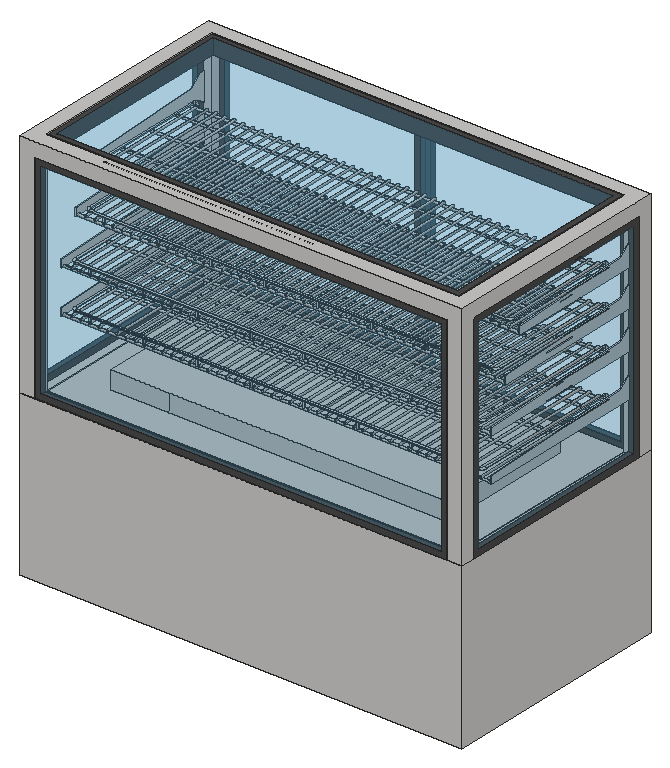
Revit family "QF_FESTIVE_RH12", category Specialty Equipment, Revit 2020
Family settings
  Round Connector Dimension = Use Diameter
  Part Type = Normal
  Work Plane-Based = No
  Always vertical = Yes
  Cut with Voids When Loaded = No
  Shared = No
  Room Calculation Point = No
Parameters (values of type "RH12_220-240/50/1")
  Weight in Kilograms = 160
  Watts = if(Phase = 3, Volts * FL Amps * 1.73, Volts * FL Amps)  # 2068 W
  Volts = 220 V
  URL Cutsheet = ""
  Specification by User = ""
  Specification by Manufacturer = ""
  Shelf Length [instance] = Length - 30 mm  # 1170 mm
  Serial Number = ""
  Seismic Rating = ""
  SMACNA No = ""
  Revision Code = ""
  Phase = 1
  Number of Poles = 1
  NAFEM Spec ID Number = ""
  Model = "RH12"
  Min Ckt Ampacity = 0 A
  Max Overcurrent Protection = 0 A
  Masterspec = ""
  Manufacturer = "FESTIVE"
  Length = 1200 mm
  Item Number = ""
  Installed By = ""
  Identify Quantity as Lot = yes
  Height = 1095 mm
  HP = ""
  Furnished By = ""
  Foodservice Equipment Identifier = yes
  FL Amps = 9.4 A
  Electrical Remarks = ""
  Electric Connection Type = ""
  Elec Conn RI Height = 0 mm
  Elec Conn Connection Height = 0 mm
  Description = "REGENT: HEATED"
  Depth = 640 mm
  Default Elevation = 0 mm
  Cycle = 50 Hz
  Control Panel B = Length > 600 mm  # yes
  Control Panel A = Length = 600 mm  # no
  Conn Plug = "10A Plug"
  Conn Conduit = yes
  CSI MasterFormat = ""
  Base Cover 2 [instance] = Length = 1530 mm  # no
  Base Cover 1 [instance] = Length < 1201 mm  # yes
  Apparent Power = if(Phase = 3, Volts * FL Amps * 1.73, Volts * FL Amps)  # 2068 VA
Reference planes
  plane 1 "BACK": y = 0
  plane 2: z = 0
  plane 3 "LEFT": x = 0
  plane 4 "RIGHT": x = 1200
  plane 5 "FRONT": y = -640
  plane 6 "TOP": z = 1095
  plane 7 "Center Y": x = 600
  plane 8 "Center X": y = -320
  plane 9: z = 470
  plane 10: z = 25.4
  plane 11: x = 40
  plane 12: x = 1160
  plane 13: x = 15
  plane 14: x = 1185
  plane 15: x = 1107.5
  plane 16: x = 92.5
  plane 17: y = 15
Forms (mm)
  Extrusion 1, solid, material "QF_Metal - Stainless - Brushed"
    sketch origin (-6096, 34.743, 25.4) x (0, 1, 0) y (-1, 0, 0)
      loop
        line (-34.743, -6096) -> (-674.743, -6096) -> (-674.743, -7296) -> (-34.743, -7296) -> (-34.743, -7256) -> (-634.743, -7256) -> (-634.743, -6136) -> (-34.743, -6136) -> (-34.743, -6096)
    from 0 to 444.6
  Extrusion 2, solid, material "QF_Plastic - Black - Smooth"
    sketch origin (0, 0, 0) x (0, 1, 0) y (0, 0, 1)
      loop
        line (-40, 1055) -> (-600, 1055) -> (-600, 470) -> (-40, 470) -> (-40, 1055)
      loop
        line (-55, 1040) -> (-585, 1040) -> (-585, 485) -> (-55, 485) -> (-55, 1040)
    from 0 to 15
  Extrusion 3, solid, material "QF_Metal - Stainless - Brushed"
    sketch origin (-6096, 152.961, 470) x (0, 1, 0) y (-1, 0, 0)
      loop
        line (-792.961, -6096) -> (-792.961, -6136) -> (-752.961, -6136) -> (-752.961, -6096) -> (-792.961, -6096)
      loop
        line (-792.961, -7296) -> (-752.961, -7296) -> (-752.961, -7256) -> (-792.961, -7256) -> (-792.961, -7296)
      loop
        line (-152.961, -7296) -> (-152.961, -7256) -> (-192.961, -7256) -> (-192.961, -7296) -> (-152.961, -7296)
      loop
        line (-152.961, -6096) -> (-192.961, -6096) -> (-192.961, -6136) -> (-152.961, -6136) -> (-152.961, -6096)
    from 0 to 625
  Extrusion 4, solid, material "QF_Metal - Stainless - Brushed"
    sketch origin (-975.299, -4572, 1095) x (-1, 0, 0) y (0, -1, 0)
      loop
        line (-1015.299, -3972) -> (-2135.299, -3972) -> (-2135.299, -4532) -> (-1015.299, -4532) -> (-1015.299, -3972)
      loop
        line (-975.299, -4572) -> (-975.299, -3932) -> (-2175.299, -3932) -> (-2175.299, -4572) -> (-975.299, -4572)
    from 0 to -40
  Extrusion 5, solid, material "Glass"
    sketch origin (0, 0, 0) x (0, 1, 0) y (0, 0, 1)
      loop
        line (-55, 1040) -> (-585, 1040) -> (-585, 485) -> (-55, 485) -> (-55, 1040)
    from 0 to 15
  Extrusion 6, solid, material "QF_Plastic - Black - Smooth"
    sketch origin (1200, 0, 0) x (0, -1, 0) y (0, 0, 1)
      loop
        line (40, 1055) -> (40, 470) -> (600, 470) -> (600, 1055) -> (40, 1055)
      loop
        line (55, 1040) -> (55, 485) -> (585, 485) -> (585, 1040) -> (55, 1040)
    from 0 to 15
  Extrusion 7, solid, material "QF_Plastic - Black - Smooth"
    sketch origin (0, -640, 0) x (1, 0, 0) y (0, 0, 1)
      loop
        line (40, 1055) -> (40, 470) -> (1160, 470) -> (1160, 1055) -> (40, 1055)
      loop
        line (1145, 1040) -> (55, 1040) -> (55, 485) -> (1145, 485) -> (1145, 1040)
    from 0 to -15
  Extrusion 8, solid, material "QF_Plastic - Black - Smooth"
    sketch origin (0, 0, 0) x (1, 0, 0) y (0, 0, 1)
      loop
        line (40, 1055) -> (40, 470) -> (615, 470) -> (615, 1055) -> (40, 1055)
      loop
        line (55, 1040) -> (55, 485) -> (600, 485) -> (600, 1040) -> (55, 1040)
    from 0 to 15
  Extrusion 9, solid, material "Glass"
    sketch origin (0, 0, 0) x (1, 0, 0) y (0, 0, 1)
      loop
        line (55, 1040) -> (55, 485) -> (600, 485) -> (600, 1040) -> (55, 1040)
    from 0 to 15
  Extrusion 10, solid, material "QF_Plastic - Black - Smooth"
    sketch origin (600, 0, 0) x (-1, 0, 0) y (0, 0, -1)
      loop
        line (-560, -1055) -> (15, -1055) -> (15, -470) -> (-560, -470) -> (-560, -1055)
      loop
        line (-545, -1040) -> (0, -1040) -> (0, -485) -> (-545, -485) -> (-545, -1040)
    from 15 to 30
  Extrusion 11, solid, material "Glass"
    sketch origin (600, 0, 0) x (-1, 0, 0) y (0, 0, -1)
      loop
        line (-545, -1040) -> (0, -1040) -> (0, -485) -> (-545, -485) -> (-545, -1040)
    from 15 to 30
  Extrusion 12, solid, material "QF_Plastic - Black - Smooth"
    sketch origin (-975.299, -4572, 1095) x (-1, 0, 0) y (0, -1, 0)
      loop
        line (-1015.299, -4532) -> (-1015.299, -3972) -> (-2135.299, -3972) -> (-2135.299, -4532) -> (-1015.299, -4532)
      loop
        line (-2120.299, -4517) -> (-1030.299, -4517) -> (-1030.299, -3987) -> (-2120.299, -3987) -> (-2120.299, -4517)
    from 0 to -40
  Extrusion 13, solid, material "Glass"
    sketch origin (-975.299, -4572, 1095) x (-1, 0, 0) y (0, -1, 0)
      loop
        line (-2120.299, -4517) -> (-1030.299, -4517) -> (-1030.299, -3987) -> (-2120.299, -3987) -> (-2120.299, -4517)
    from 0 to -40
  Extrusion 14, solid, material "Glass"
    sketch origin (1200, 0, 0) x (0, -1, 0) y (0, 0, 1)
      loop
        line (55, 1040) -> (55, 485) -> (585, 485) -> (585, 1040) -> (55, 1040)
    from 0 to 15
  Extrusion 15, solid, material "Glass"
    sketch origin (0, -640, 0) x (1, 0, 0) y (0, 0, 1)
      loop
        line (1145, 1040) -> (55, 1040) -> (55, 485) -> (1145, 485) -> (1145, 1040)
    from 0 to -15
  Extrusion 16, solid, material "QF_Metal - Stainless - Brushed"
    sketch origin (0, 0, 0) x (1, 0, 0) y (0, 0, 1)
      loop
        line (1160, 376.925) -> (40, 376.925) -> (40, 70.07) -> (145, 70.07) -> (145, 31.8) -> (1055, 31.8) -> (1055, 69.875) -> (1160, 69.875) -> (1160, 376.925)
    from 0 to 600
  Extrusion 17, solid
    sketch origin (0, 0, 0) x (-1, 0, 0) y (0, 0, 1)
      loop
        circle (-1045, 36.8) r 5
    from 0 to 3.2
  Extrusion 18, solid, material "QF_Metal - Stainless - Brushed"
    sketch origin (1160, 0, 25.4) x (1, 0, 0) y (0, 0, -1)
      loop
        line (0, -351.525) -> (-1120, -351.525) -> (-1120, -444.6) -> (0, -444.6) -> (0, -351.525)
    from 0 to -600
  Extrusion 19, solid, material "QF_Metal - Stainless - Brushed", visible <- "Base Cover 1"
    sketch origin (-6096, 34.743, 470) x (0, 1, 0) y (-1, 0, 0)
      loop
        line (-165.755, -6396) -> (-165.755, -6238.5) -> (-544.743, -6238.5) -> (-544.743, -6396) -> (-544.743, -7153.5) -> (-165.755, -7153.5) -> (-165.755, -6396)
    from 0 to 48.344
  Extrusion 20, solid, material "QF_Metal - Stainless - Brushed"
    sketch origin (1160, 0, 25.4) x (1, 0, 0) y (0, 0, -1)
      loop
        line (0, 0) -> (-1120, 0) -> (-1120, -6.4) -> (0, -6.4) -> (0, 0)
    from 0 to -3.2
  Extrusion 21, solid, material "QF_Metal - Stainless - Brushed", visible <- "Control Panel A"
    sketch origin (-6.051, 0, -9.342) x (1, 0, 0) y (0, 0, -1)
      loop
        line (1152.174, -234.892) -> (1152.174, -112.427) -> (1055.436, -112.427) -> (1055.436, -234.892) -> (1152.174, -234.892)
    from 0 to 15
  Extrusion 22, solid, material "QF_Metal - Stainless - Brushed", visible <- "Control Panel B"
    sketch origin (1193.949, 0, 447.758) x (0, 0, -1) y (-1, 0, 0)
      loop
        line (254.6, 250) -> (254.6, 47.826) -> (344.673, 47.826) -> (344.673, 250) -> (254.6, 250)
    from 0 to 15
  Extrusion 23, solid, material "QF_Metal - Stainless - Brushed", visible <- "Control Panel B", not visible
    sketch origin (600, 9875.408, 470) x (0, 0, -1) y (-1, 0, 0)
      loop
        line (254.6, 250) -> (254.6, 47.826) -> (344.673, 47.826) -> (344.673, 250) -> (254.6, 250)
    from 0 to 15
  Extrusion 24, solid, material "QF_Metal - Stainless - Brushed", visible <- "Base Cover 2"
    sketch origin (-6096, 34.743, 470) x (0, 1, 0) y (-1, 0, 0)
      loop
        line (-165.755, -6676) -> (-165.755, -6238.5) -> (-544.743, -6238.5) -> (-544.743, -6676) -> (-165.755, -6676)
      loop
        line (-544.743, -7153.5) -> (-165.755, -7153.5) -> (-165.755, -6716) -> (-544.743, -6716) -> (-544.743, -7153.5)
    from 0 to 48.344
Cuts and joins
  joined: Extrusion 3, Extrusion 4
Lines and regions (mm)
  Split face 1
    outline origin (-5.426, 15, -8.092) x (1, 0, 0) y (0, 0, -1)
      loop
        line (1140.469, -208.689) -> (1140.469, -174.314) -> (1065.469, -174.314) -> (1065.469, -208.689) -> (1140.469, -208.689)
  Split face 2
    outline origin (-3.022, 15, -60.598) x (1, 0, 0) y (0, 0, -1)
      loop
        line (1126.804, -215.73) -> (1126.804, -182.915) -> (1114.946, -182.915) -> (1114.946, -215.73) -> (1126.804, -215.73)
  Split face 3
    outline origin (1001.969, 15, 41.914) x (-1, 0, 0) y (0, 0, 1)
      loop
        line (-73.196, 113.218) -> (-85.054, 113.218) -> (-85.054, 80.403) -> (-73.196, 80.403) -> (-73.196, 113.218)
  Split face 4
    outline origin (1193.949, 15, 447.758) x (0, 0, -1) y (-1, 0, 0)
      loop
        line (281.242, 193.932) -> (281.242, 182.074) -> (314.057, 182.074) -> (314.057, 193.932) -> (281.242, 193.932)
  Split face 5
    outline origin (1193.949, 15, 447.758) x (0, 0, -1) y (-1, 0, 0)
      loop
        line (281.242, 224.579) -> (281.242, 212.721) -> (314.057, 212.721) -> (314.057, 224.579) -> (281.242, 224.579)
  Split face 6
    outline origin (1193.949, 15, 447.758) x (0, 0, -1) y (-1, 0, 0)
      loop
        line (278.739, 83.03) -> (313.114, 83.03) -> (313.114, 158.03) -> (278.739, 158.03) -> (278.739, 83.03)
  symbolic lines
    curve 1: line (0, 0, 1095) -> (1200, 0, 1095)
    curve 2: line (0, -640, 1095) -> (0, 0, 1095)
    curve 3: line (1200, -640, 1095) -> (0, -640, 1095)
    curve 4: line (1200, 0, 1095) -> (1200, -640, 1095)
    curve 5: line (40, -40, 1095) -> (1160, -40, 1095)
    curve 6: line (40, -600, 1095) -> (40, -40, 1095)
    curve 7: line (1160, -600, 1095) -> (40, -600, 1095)
    curve 8: line (1160, -40, 1095) -> (1160, -600, 1095)
    curve 9: line (55, -55, 1095) -> (1145, -55, 1095)
    curve 10: line (55, -585, 1095) -> (55, -55, 1095)
    curve 11: line (1145, -585, 1095) -> (55, -585, 1095)
    curve 12: line (1145, -55, 1095) -> (1145, -585, 1095)
  symbolic lines, visible <- "Control Panel A"
    curve 13: line (1049.385, 15, 1240) -> (1049.385, 0, 1240)
    curve 14: line (1146.124, 15, 1240) -> (1049.385, 15, 1240)
    curve 15: line (1146.124, 0, 1240) -> (1146.124, 15, 1240)
  symbolic lines, visible <- "Control Panel B"
    curve 16: line (943.949, 15, 1240) -> (943.949, 0, 1240)
    curve 17: line (1146.124, 15, 1240) -> (943.949, 15, 1240)
    curve 18: line (1146.124, 0, 1240) -> (1146.124, 15, 1240)
  symbolic lines, visible <- "Control Panel B", not visible
    curve 19: line (350, 9890.408, 1262.242) -> (350, 9875.408, 1262.242)
    curve 20: line (552.174, 9890.408, 1262.242) -> (350, 9890.408, 1262.242)
    curve 21: line (552.174, 9875.408, 1262.242) -> (552.174, 9890.408, 1262.242)
Dimensions and locks
  equal spacing: plane 3 "LEFT", plane 7 "Center Y", plane 4 "RIGHT"
  "Length": plane 3 "LEFT" to plane 4 "RIGHT"
  equal spacing: plane 5 "FRONT", plane 8 "Center X", plane 1 "BACK"
  "Depth": plane 5 "FRONT" to plane 1 "BACK"
  "Height": plane 6 "TOP" to level
  plane 6 "TOP" to plane 9 to level = 625 mm, 470 mm
  plane 1 "BACK" to plane 5 "FRONT" = 640 mm
  locked: plane 11 to plane 3 "LEFT" at 40
  locked: plane 12 to plane 4 "RIGHT" at 40
  locked: plane 3 "LEFT" to plane 13 at 15
  locked: plane 4 "RIGHT" to plane 14 at 15
  locked: plane 5 "FRONT" to nested 5 at 45
  locked: plane 5 "FRONT" to nested 4 at 45
  locked: plane 15 to plane 4 "RIGHT" at 92.5
  locked: plane 16 to plane 3 "LEFT" at 92.5
  plane 16 to Extrusion 19 sketch curve = 50 mm
  plane 1 "BACK" to plane 17 = 15 mm
  locked: plane 4 "RIGHT" to Extrusion 22 at 53.876
  Extrusion 24 sketch curve to plane 7 "Center Y" to Extrusion 24 sketch curve = 20 mm locked, 20 mm locked
  aligned and locked: level to plane 2
  aligned and locked: plane 9 to Extrusion 1
  aligned and locked: plane 6 "TOP" to Extrusion 3
  aligned and locked: plane 16 to nested 3
  aligned and locked: plane 16 to nested 4
  aligned and locked: nested 6 to plane 15
  aligned and locked: nested 5 to plane 15
  aligned and locked: Extrusion 1 to Extrusion 18 sketch curve
  aligned and locked: Extrusion 18 sketch curve to Extrusion 1
  aligned and locked: plane 11 to Extrusion 20 sketch curve
Automatic sketch dimensions
  Extrusion 22 sketch curve to Extrusion 22 sketch curve = 90.073 mm
  Extrusion 22 sketch curve to Extrusion 22 sketch curve = 202.174 mm
  Extrusion 23 sketch curve to Extrusion 23 sketch curve = 90.073 mm
  Extrusion 23 sketch curve to Extrusion 23 sketch curve = 202.174 mm
  curve 17 to curve 17 = 202.174 mm
  curve 17 to curve 18 = 15 mm
  curve 16 to curve 16 = 15 mm
  curve 20 to curve 20 = 202.174 mm
  curve 20 to curve 21 = 15 mm
  curve 19 to curve 19 = 15 mm
  Extrusion 1 sketch curve to plane 3 "LEFT" = 0 mm
  plane 5 "FRONT" to Extrusion 1 sketch curve = 0 mm
  Extrusion 1 sketch curve to plane 12 = 0 mm
  Extrusion 1 sketch curve to plane 11 = 0 mm
  plane 1 "BACK" to Extrusion 1 sketch curve = 0 mm  (x2)
  Extrusion 1 sketch curve to plane 4 "RIGHT" = 0 mm
  Extrusion 1 sketch curve to plane 5 "FRONT" = 40 mm
  Extrusion 2 sketch curve to plane 9 = 0 mm
  Extrusion 2 sketch curve to plane 5 "FRONT" = 40 mm
  Extrusion 2 sketch curve to Extrusion 2 sketch curve = 15 mm  (x3)
  plane 9 to Extrusion 2 sketch curve = 15 mm
  plane 1 "BACK" to Extrusion 2 sketch curve = 55 mm
  Extrusion 2 sketch curve to plane 6 "TOP" = 55 mm
  Extrusion 3 sketch curve to plane 3 "LEFT" = 0 mm  (x2)
  plane 5 "FRONT" to Extrusion 3 sketch curve = 0 mm  (x2)
  Extrusion 3 sketch curve to plane 4 "RIGHT" = 0 mm  (x2)
  Extrusion 3 sketch curve to plane 11 = 0 mm  (x2)
  Extrusion 3 sketch curve to plane 12 = 0 mm  (x2)
  plane 1 "BACK" to Extrusion 3 sketch curve = 0 mm  (x2)
  Extrusion 3 sketch curve to plane 5 "FRONT" = 40 mm  (x2)
  Extrusion 3 sketch curve to Extrusion 3 sketch curve = 40 mm  (x2)
  plane 1 "BACK" to Extrusion 4 sketch curve = 0 mm
  Extrusion 4 sketch curve to plane 4 "RIGHT" = 0 mm
  Extrusion 4 sketch curve to plane 12 = 0 mm
  Extrusion 4 sketch curve to plane 11 = 0 mm
  Extrusion 4 sketch curve to plane 3 "LEFT" = 0 mm
  plane 5 "FRONT" to Extrusion 4 sketch curve = 0 mm
  plane 1 "BACK" to Extrusion 4 sketch curve = 40 mm
  Extrusion 4 sketch curve to plane 5 "FRONT" = 40 mm
  Extrusion 5 sketch curve to plane 5 "FRONT" = 55 mm
  plane 9 to Extrusion 5 sketch curve = 15 mm
  plane 1 "BACK" to Extrusion 5 sketch curve = 55 mm
  Extrusion 5 sketch curve to plane 6 "TOP" = 55 mm
  Extrusion 6 sketch curve to plane 9 = 0 mm
  plane 1 "BACK" to Extrusion 6 sketch curve = 40 mm
  Extrusion 6 sketch curve to Extrusion 6 sketch curve = 15 mm  (x3)
  plane 9 to Extrusion 6 sketch curve = 15 mm
  Extrusion 6 sketch curve to plane 5 "FRONT" = 55 mm
  Extrusion 6 sketch curve to plane 6 "TOP" = 55 mm
  Extrusion 7 sketch curve to plane 9 = 0 mm
  Extrusion 7 sketch curve to plane 11 = 0 mm
  plane 12 to Extrusion 7 sketch curve = 0 mm
  plane 11 to Extrusion 7 sketch curve = 15 mm
  plane 12 to Extrusion 7 sketch curve = 15 mm
  plane 9 to Extrusion 7 sketch curve = 15 mm
  Extrusion 7 sketch curve to plane 6 "TOP" = 55 mm
  Extrusion 7 sketch curve to Extrusion 7 sketch curve = 15 mm
  Extrusion 8 sketch curve to plane 9 = 0 mm
  Extrusion 8 sketch curve to plane 11 = 0 mm
  Extrusion 8 sketch curve to plane 7 "Center Y" = 0 mm
  plane 11 to Extrusion 8 sketch curve = 15 mm
  plane 7 "Center Y" to Extrusion 8 sketch curve = 15 mm
  plane 9 to Extrusion 8 sketch curve = 15 mm
  Extrusion 8 sketch curve to plane 6 "TOP" = 55 mm
  Extrusion 8 sketch curve to Extrusion 8 sketch curve = 15 mm
  Extrusion 9 sketch curve to plane 7 "Center Y" = 0 mm
  plane 11 to Extrusion 9 sketch curve = 15 mm
  plane 9 to Extrusion 9 sketch curve = 15 mm
  Extrusion 9 sketch curve to plane 6 "TOP" = 55 mm
  Extrusion 10 sketch curve to plane 9 = 0 mm
  plane 12 to Extrusion 10 sketch curve = 0 mm
  Extrusion 10 sketch curve to plane 7 "Center Y" = 0 mm
  Extrusion 10 sketch curve to plane 12 = 15 mm
  plane 7 "Center Y" to Extrusion 10 sketch curve = 15 mm
  Extrusion 10 sketch curve to plane 9 = 15 mm
  plane 6 "TOP" to Extrusion 10 sketch curve = 55 mm
  Extrusion 10 sketch curve to Extrusion 10 sketch curve = 15 mm
  Extrusion 11 sketch curve to plane 7 "Center Y" = 0 mm
  Extrusion 11 sketch curve to plane 12 = 15 mm
  Extrusion 11 sketch curve to plane 9 = 15 mm
  plane 6 "TOP" to Extrusion 11 sketch curve = 55 mm
  Extrusion 12 sketch curve to plane 12 = 0 mm
  Extrusion 12 sketch curve to plane 11 = 0 mm
  plane 12 to Extrusion 12 sketch curve = 15 mm
  plane 11 to Extrusion 12 sketch curve = 15 mm
  plane 1 "BACK" to Extrusion 12 sketch curve = 40 mm
  Extrusion 12 sketch curve to Extrusion 12 sketch curve = 15 mm  (x2)
  Extrusion 12 sketch curve to plane 5 "FRONT" = 55 mm
  plane 12 to Extrusion 13 sketch curve = 15 mm
  plane 11 to Extrusion 13 sketch curve = 15 mm
  plane 1 "BACK" to Extrusion 13 sketch curve = 55 mm
  Extrusion 13 sketch curve to plane 5 "FRONT" = 55 mm
  plane 1 "BACK" to Extrusion 14 sketch curve = 55 mm
  plane 9 to Extrusion 14 sketch curve = 15 mm
  Extrusion 14 sketch curve to plane 5 "FRONT" = 55 mm
  Extrusion 14 sketch curve to plane 6 "TOP" = 55 mm
  plane 1 "BACK" to curve 1 = 0 mm
  curve 1 to plane 4 "RIGHT" = 0 mm
  curve 8 to plane 12 = 0 mm
  curve 5 to plane 11 = 0 mm
  curve 3 to plane 3 "LEFT" = 0 mm
  plane 5 "FRONT" to curve 3 = 0 mm
  plane 12 to curve 12 = 15 mm
  plane 11 to curve 10 = 15 mm
  plane 1 "BACK" to curve 5 = 40 mm
  curve 5 to curve 9 = 15 mm
  curve 12 to plane 5 "FRONT" = 55 mm
  curve 10 to curve 7 = 15 mm
  plane 11 to Extrusion 15 sketch curve = 15 mm
  plane 12 to Extrusion 15 sketch curve = 15 mm
  plane 9 to Extrusion 15 sketch curve = 15 mm
  Extrusion 15 sketch curve to plane 6 "TOP" = 55 mm
  Extrusion 16 sketch curve to plane 11 = 0 mm
  plane 12 to Extrusion 16 sketch curve = 0 mm
  plane 10 to Extrusion 16 sketch curve = 6.4 mm
  plane 16 to Extrusion 16 sketch curve = 52.5 mm
  plane 15 to Extrusion 16 sketch curve = 52.5 mm
  plane 10 to Extrusion 16 sketch curve = 44.475 mm
  Extrusion 16 sketch curve to Extrusion 16 sketch curve = 38.27 mm
  Extrusion 16 sketch curve to plane 9 = 93.075 mm
  Extrusion 17 sketch curve to Extrusion 16 = 10 mm
  Extrusion 17 sketch curve to Extrusion 16 = 5 mm
  Extrusion 18 sketch curve to Extrusion 1 = 0 mm
  Extrusion 1 to Extrusion 18 sketch curve = 93.075 mm
  Extrusion 1 to Extrusion 19 sketch curve = 90 mm
  Extrusion 19 sketch curve to Extrusion 1 = 131.012 mm
  Extrusion 19 sketch curve to Extrusion 19 sketch curve = 157.5 mm  (x2)
  Extrusion 1 to Extrusion 19 sketch curve = 102.5 mm
  Extrusion 20 sketch curve to Extrusion 1 = 0 mm  (x2)
  Extrusion 20 sketch curve to Extrusion 20 sketch curve = 6.4 mm
  plane 15 to Extrusion 21 sketch curve = 58.115 mm
  plane 12 to Extrusion 21 sketch curve = 13.876 mm
  plane 10 to Extrusion 21 sketch curve = 200.149 mm
  plane 10 to Extrusion 21 sketch curve = 77.684 mm
  Split face 1 sketch curve to Extrusion 21 = 10.658 mm
  Split face 1 sketch curve to Extrusion 21 = 11.081 mm
  Split face 1 sketch curve to Extrusion 21 = 24.952 mm
  Split face 1 sketch curve to Split face 1 sketch curve = 34.375 mm
  Split face 2 sketch curve to Extrusion 21 = 34.2 mm
  Split face 2 sketch curve to Split face 2 sketch curve = 11.857 mm
  Split face 2 sketch curve to Extrusion 21 = 52.047 mm
  Split face 2 sketch curve to Extrusion 21 = 19.232 mm
  Split face 3 sketch curve to Extrusion 21 = 37.637 mm
  Split face 3 sketch curve to Split face 3 sketch curve = 11.857 mm
  Split face 3 sketch curve to Extrusion 21 = 19.232 mm
  Split face 3 sketch curve to Split face 3 sketch curve = 32.815 mm
  Split face 4 sketch curve to Extrusion 22 = 26.642 mm
  Split face 4 sketch curve to Extrusion 22 = 30.616 mm
  Split face 4 sketch curve to Extrusion 22 = 67.926 mm
  Split face 4 sketch curve to Split face 4 sketch curve = 11.857 mm
  Split face 5 sketch curve to Extrusion 22 = 26.642 mm
  Split face 5 sketch curve to Extrusion 22 = 30.616 mm
  Split face 5 sketch curve to Extrusion 22 = 37.279 mm
  Split face 5 sketch curve to Split face 5 sketch curve = 11.857 mm
  Split face 6 sketch curve to Extrusion 22 = 24.139 mm
  Split face 6 sketch curve to Extrusion 22 = 31.559 mm
  Split face 6 sketch curve to Extrusion 22 = 35.205 mm
  Split face 6 sketch curve to Split face 6 sketch curve = 75 mm
  plane 1 "BACK" to curve 15 = 0 mm
  curve 14 to plane 17 = 0 mm
  plane 1 "BACK" to curve 13 = 0 mm
  plane 12 to curve 14 = 13.876 mm
  plane 15 to curve 14 = 58.115 mm
  Extrusion 1 to Extrusion 24 sketch curve = 90 mm
  Extrusion 24 sketch curve to Extrusion 24 sketch curve = 0 mm  (x2)
  Extrusion 24 sketch curve to Extrusion 1 = 131.012 mm
  Extrusion 1 to Extrusion 24 sketch curve = 102.5 mm  (x2)
  radius of Extrusion 17 sketch curve = 5 mm
Nested families
  nested 1: "PARAMETRIC SHELF" at (15, -40, 832.321), Length <- "Shelf Length", type "PARAMETRIC SHELF"
    with Rail Depth 382 mm, Rail 2 8, No. of Rail 46, Length 1170 mm, Depth 432 mm
  nested 2: "PARAMETRIC SHELF" at (15, -40, 728.214), Length <- "Shelf Length", type "PARAMETRIC SHELF"
    with Rail Depth 430 mm, Rail 2 8, No. of Rail 46, Length 1170 mm, Depth 480 mm
  nested 3: "3 INCHES 01_CASTER" at (92.5, -65, 0), type "3 INCHES 01_CASTER"
    with Type Mark "", Specification by User "", Revision Code "", Item Number "", Installed By "", Identify Quantity as Lot yes, Furnished By "", Foodservice Equipment Identifier yes, 3 Inches Caster yes
  nested 4: "3 INCHES 01_CASTER" at (92.5, -595, 0), type "3 INCHES 01_CASTER"
    with Type Mark "", Specification by User "", Revision Code "", Item Number "", Installed By "", Identify Quantity as Lot yes, Furnished By "", Foodservice Equipment Identifier yes, 3 Inches Caster yes
  nested 5: "3 INCHES 01_CASTER" at (1107.5, -595, 0), type "3 INCHES 01_CASTER"
    with Type Mark "", Specification by User "", Revision Code "", Item Number "", Installed By "", Identify Quantity as Lot yes, Furnished By "", Foodservice Equipment Identifier yes, 3 Inches Caster yes
  nested 6: "3 INCHES 01_CASTER" at (1107.5, -65, 0), type "3 INCHES 01_CASTER"
    with Type Mark "", Specification by User "", Revision Code "", Item Number "", Installed By "", Identify Quantity as Lot yes, Furnished By "", Foodservice Equipment Identifier yes, 3 Inches Caster yes
  nested 7: "PARAMETRIC SHELF" at (15, -40, 932.679), Length <- "Shelf Length", type "PARAMETRIC SHELF"
    with Rail Depth 335 mm, Rail 2 8, No. of Rail 46, Length 1170 mm, Depth 385 mm
  nested 8: "PARAMETRIC SHELF" at (15, -40, 610.357), Length <- "Shelf Length", type "PARAMETRIC SHELF"
    with Rail Depth 430 mm, Rail 2 8, No. of Rail 46, Length 1170 mm, Depth 480 mm
Connectors
  electrical at (1045, 3.2, 36.8), driven by "Volts", driven by "Watts"
    settings: on Extrusion 17, index 2, voltage 220 V, apparent load 2068 VA, apparent load phase1 0 VA, apparent load phase2 0 VA, apparent load phase3 0 VA, power factor 1, load classification "Other", number of poles 1, system type 30, power factor state 1, is connector primary yes, connector utility no, sub classification motor no, connector description "ELECTRICAL CONNECTION"
Definition of nested family "PARAMETRIC SHELF"
  Parameters (values of type "PARAMETRIC SHELF")
    Weight in Pounds = 0
    URL Cutsheet = ""
    Specification by User = ""
    Specification by Manufacturer = ""
    Serial Number = ""
    Seismic Rating = ""
    SMACNA No = ""
    Revision Code = ""
    Rail Depth [instance] = Depth - 50 mm  # 367 mm
    Rail 2 [instance] = Length / 150 mm  # 4
    No. of Rail [instance] = Length / 25.4 mm  # 24
    NAFEM Spec ID Number = ""
    Masterspec = ""
    Length [instance] = 600 mm
    Item Number = ""
    Installed By = ""
    Identify Quantity as Lot = yes
    Height = 220 mm
    Furnished By = ""
    Foodservice Equipment Identifier = yes
    Depth [instance] = 417 mm
    Default Elevation = 0 mm
    CSI MasterFormat = ""
  Reference planes
    plane 1 "BACK": y = 0
    plane 2: z = 0
    plane 3 "LEFT": x = 0
    plane 4 "RIGHT": x = 600
    plane 5 "FRONT": y = -417
    plane 6 "TOP": z = 220
    plane 7 "Center Y": x = 300
    plane 8 "Center X": y = -208.5
    plane 9: x = 28.6
    plane 10: x = 571.4
    plane 11: x = 3.2
    plane 12: x = 596.8
  Forms (mm)
    Extrusion 1, solid
      sketch origin (0, -4517, 280.761) x (0, 0, 1) y (0, -1, 0)
        loop
          line (-244.023, -4477) -> (-261.193, -4100) -> (-280.761, -4100) -> (-280.761, -4502.438) -> (-295.323, -4517) -> (-217.773, -4517) -> (-217.773, -4508.448) -> (-244.023, -4477)
      from 0 to 3.2
    Extrusion 2, solid
      sketch origin (600, 0, 0) x (0, -1, 0) y (0, 0, 1)
        loop
          line (40, 36.738) -> (8.552, 62.988) -> (0, 62.988) -> (0, -14.562) -> (14.562, 0) -> (417, 0) -> (417, 19.568) -> (40, 36.738)
      from 0 to 3.2
    Extrusion 3, solid
      sketch origin (3.2, -4572, 62.788) x (0, 0, 1) y (0, -1, 0)
        loop
          circle (-59.788, -4158) r 3
        loop
          circle (-59.788, -4268) r 3
        loop
          circle (-59.788, -4368) r 3
        loop
          circle (-59.788, -4471.515) r 3
        loop
          circle (-59.788, -4519.015) r 3
      from 0 to 593.6
    Extrusion 4, solid
      sketch origin (20.4, -417, 21.873) x (0, 0, 1) y (1, 0, 0)
        loop
          circle (-13.368, 8.2) r 2.5
      from 0 to 367 <- "Rail Depth"
    Extrusion 5, solid
      sketch origin (563.2, -417, 21.873) x (0, 0, 1) y (1, 0, 0)
        loop
          circle (-13.368, 8.2) r 2.5
      from 0 to 367 <- "Rail Depth"
    Extrusion 6, solid
      sketch origin (44, -417, 21.873) x (0, 0, 1) y (1, 0, 0)
        loop
          circle (-13.368, 8.2) r 2.5
      from 0 to 367 <- "Rail Depth"
    Extrusion 7, solid
      sketch origin (67.6, -417, 21.873) x (0, 0, 1) y (1, 0, 0)
        loop
          circle (-13.368, 8.2) r 2.5
      from 0 to 367 <- "Rail Depth"
    Extrusion 8, solid
      sketch origin (91.2, -417, 21.873) x (0, 0, 1) y (1, 0, 0)
        loop
          circle (-13.368, 8.2) r 2.5
      from 0 to 367 <- "Rail Depth"
    Extrusion 9, solid
      sketch origin (114.8, -417, 21.873) x (0, 0, 1) y (1, 0, 0)
        loop
          circle (-13.368, 8.2) r 2.5
      from 0 to 367 <- "Rail Depth"
    Extrusion 10, solid
      sketch origin (138.4, -417, 21.873) x (0, 0, 1) y (1, 0, 0)
        loop
          circle (-13.368, 8.2) r 2.5
      from 0 to 367 <- "Rail Depth"
    Extrusion 11, solid
      sketch origin (162, -417, 21.873) x (0, 0, 1) y (1, 0, 0)
        loop
          circle (-13.368, 8.2) r 2.5
      from 0 to 367 <- "Rail Depth"
    Extrusion 12, solid
      sketch origin (185.6, -417, 21.873) x (0, 0, 1) y (1, 0, 0)
        loop
          circle (-13.368, 8.2) r 2.5
      from 0 to 367 <- "Rail Depth"
    Extrusion 13, solid
      sketch origin (209.2, -417, 21.873) x (0, 0, 1) y (1, 0, 0)
        loop
          circle (-13.368, 8.2) r 2.5
      from 0 to 367 <- "Rail Depth"
    Extrusion 14, solid
      sketch origin (232.8, -417, 21.873) x (0, 0, 1) y (1, 0, 0)
        loop
          circle (-13.368, 8.2) r 2.5
      from 0 to 367 <- "Rail Depth"
    Extrusion 15, solid
      sketch origin (256.4, -417, 21.873) x (0, 0, 1) y (1, 0, 0)
        loop
          circle (-13.368, 8.2) r 2.5
      from 0 to 367 <- "Rail Depth"
    Extrusion 16, solid
      sketch origin (280, -417, 21.873) x (0, 0, 1) y (1, 0, 0)
        loop
          circle (-13.368, 8.2) r 2.5
      from 0 to 367 <- "Rail Depth"
    Extrusion 17, solid
      sketch origin (303.6, -417, 21.873) x (0, 0, 1) y (1, 0, 0)
        loop
          circle (-13.368, 8.2) r 2.5
      from 0 to 367 <- "Rail Depth"
    Extrusion 18, solid
      sketch origin (327.2, -417, 21.873) x (0, 0, 1) y (1, 0, 0)
        loop
          circle (-13.368, 8.2) r 2.5
      from 0 to 367 <- "Rail Depth"
    Extrusion 19, solid
      sketch origin (350.8, -417, 21.873) x (0, 0, 1) y (1, 0, 0)
        loop
          circle (-13.368, 8.2) r 2.5
      from 0 to 367 <- "Rail Depth"
    Extrusion 20, solid
      sketch origin (374.4, -417, 21.873) x (0, 0, 1) y (1, 0, 0)
        loop
          circle (-13.368, 8.2) r 2.5
      from 0 to 367 <- "Rail Depth"
    Extrusion 21, solid
      sketch origin (398, -417, 21.873) x (0, 0, 1) y (1, 0, 0)
        loop
          circle (-13.368, 8.2) r 2.5
      from 0 to 367 <- "Rail Depth"
    Extrusion 22, solid
      sketch origin (421.6, -417, 21.873) x (0, 0, 1) y (1, 0, 0)
        loop
          circle (-13.368, 8.2) r 2.5
      from 0 to 367 <- "Rail Depth"
    Extrusion 23, solid
      sketch origin (445.2, -417, 21.873) x (0, 0, 1) y (1, 0, 0)
        loop
          circle (-13.368, 8.2) r 2.5
      from 0 to 367 <- "Rail Depth"
    Extrusion 24, solid
      sketch origin (468.8, -417, 21.873) x (0, 0, 1) y (1, 0, 0)
        loop
          circle (-13.368, 8.2) r 2.5
      from 0 to 367 <- "Rail Depth"
    Extrusion 25, solid
      sketch origin (492.4, -417, 21.873) x (0, 0, 1) y (1, 0, 0)
        loop
          circle (-13.368, 8.2) r 2.5
      from 0 to 367 <- "Rail Depth"
    Extrusion 26, solid
      sketch origin (516, -417, 21.873) x (0, 0, 1) y (1, 0, 0)
        loop
          circle (-13.368, 8.2) r 2.5
      from 0 to 367 <- "Rail Depth"
    Extrusion 27, solid
      sketch origin (539.6, -417, 21.873) x (0, 0, 1) y (1, 0, 0)
        loop
          circle (-13.368, 8.2) r 2.5
      from 0 to 367 <- "Rail Depth"
    Sweep 28, solid
      path origin (0, 0, 0) x (1, 0, 0) y (0, 1, 0)
        loop
          line (571.4, -70) -> (571.4, -404)
          arc (571.4, -404) -> (568.471, -411.071) -> (561.4, -414) r 10
          line (561.4, -414) -> (38.6, -414)
          arc (38.6, -414) -> (31.529, -411.071) -> (28.6, -404) r 10
          line (28.6, -404) -> (28.6, -70)
      profile origin (571.4, -237, 0) x (1, 0, 0) y (0, 0, 1)
        loop
          circle (0, 23.505) r 2.5
    Sweep 29, solid
      path origin (28.6, -4572, 11.2) x (0, 0, 1) y (0, -1, 0)
        loop
          line (12.305, -4502) -> (12.305, -4509.015)
          arc (12.305, -4509.015) -> (9.376, -4516.086) -> (2.305, -4519.015) r 10
          line (2.305, -4519.015) -> (-0.376, -4519.015)
      profile origin (28.6, -66.493, 23.505) x (0, 0, 1) y (1, 0, 0)
        loop
          circle (0, 0) r 2.5
    Sweep 30, solid
      path origin (571.4, -4572, 11.2) x (0, 0, 1) y (0, -1, 0)
        loop
          line (12.305, -4502) -> (12.305, -4509.015)
          arc (12.305, -4509.015) -> (9.376, -4516.086) -> (2.305, -4519.015) r 10
          line (2.305, -4519.015) -> (-0.376, -4519.015)
      profile origin (571.4, -66.493, 23.505) x (0, 0, -1) y (-1, 0, 0)
        loop
          circle (0, 0) r 2.5
    Extrusion 31, solid
      sketch origin (0, 0, 0) x (1, 0, 0) y (0, 1, 0)
        loop
          circle (75.8, -414.118) r 2
      from 5.989 to 23.272
    Extrusion 32, solid
      sketch origin (448.4, 0, 0) x (1, 0, 0) y (0, 1, 0)
        loop
          circle (75.8, -414.118) r 2
      from 5.989 to 23.272
    Extrusion 33, solid
      sketch origin (149.467, 0, 0) x (1, 0, 0) y (0, 1, 0)
        loop
          circle (75.8, -414.118) r 2
      from 5.989 to 23.272
    Extrusion 34, solid
      sketch origin (298.933, 0, 0) x (1, 0, 0) y (0, 1, 0)
        loop
          circle (75.8, -414.118) r 2
      from 5.989 to 23.272
  Cuts and joins
    joined: Sweep 28, Sweep 29, Sweep 30
  Lines and regions (mm)
    symbolic lines
      curve 1: line (0, 0, 0) -> (600, 0, 0)
      curve 2: line (0, -417, 0) -> (0, 0, 0)
      curve 3: line (600, -417, 0) -> (0, -417, 0)
      curve 4: line (600, 0, 0) -> (600, -417, 0)
  Dimensions and locks
    equal spacing: plane 3 "LEFT", plane 7 "Center Y", plane 4 "RIGHT"
    "Length": plane 3 "LEFT" to plane 4 "RIGHT"
    equal spacing: plane 5 "FRONT", plane 8 "Center X", plane 1 "BACK"
    "Depth": plane 5 "FRONT" to plane 1 "BACK"
    "Height": plane 6 "TOP" to level
    locked: plane 9 to plane 3 "LEFT" at 28.6
    locked: plane 10 to plane 4 "RIGHT" at 28.6
    locked: plane 12 to plane 4 "RIGHT" at 3.2
    locked: plane 11 to plane 3 "LEFT" at 3.2
    equal spacing: group 1, group 3, group 4, group 5, group 6, group 7, group 8, group 9, group 10, group 11, group 12, group 13, group 14, group 15, group 16, group 17, group 18, group 19, group 20, group 21, group 22, group 23, group 24, group 2  (x3)
    plane 1 "BACK" to Extrusion 3 sketch curve to Extrusion 3 sketch curve = 52.985 mm locked, 47.5 mm locked
    locked: Sweep 28 sketch curve to plane 1 "BACK" at 70  (x2)
    equal spacing: group 25, group 27, group 28, group 26  (x3)
    locked: Extrusion 31 to plane 3 "LEFT" at 73.8
    locked: Extrusion 32 to plane 4 "RIGHT" at 73.8
    locked: Extrusion 31 to plane 5 "FRONT" at 2.882
    locked: Extrusion 32 to plane 5 "FRONT" at 2.882
    aligned and locked: level to plane 2
    aligned and locked: Extrusion 3 to plane 12
    aligned and locked: plane 5 "FRONT" to Extrusion 4
    aligned and locked: plane 5 "FRONT" to Extrusion 5
    aligned and locked: plane 10 to Extrusion 5
  Automatic sketch dimensions
    Extrusion 1 sketch curve to plane 1 "BACK" = 0 mm
    Extrusion 1 sketch curve to level = 0 mm
    Extrusion 1 sketch curve to plane 5 "FRONT" = 0 mm
    Extrusion 1 sketch curve to level = 14.562 mm
    level to Extrusion 1 sketch curve = 19.568 mm
    level to Extrusion 1 sketch curve = 36.738 mm
    plane 1 "BACK" to Extrusion 1 sketch curve = 8.552 mm
    Extrusion 1 sketch curve to Extrusion 1 sketch curve = 26.25 mm
    plane 1 "BACK" to Extrusion 1 sketch curve = 14.562 mm
    plane 1 "BACK" to Extrusion 1 sketch curve = 40 mm
    Extrusion 2 sketch curve to plane 1 "BACK" = 0 mm
    Extrusion 2 sketch curve to level = 0 mm
    Extrusion 2 sketch curve to plane 5 "FRONT" = 0 mm
    plane 1 "BACK" to Extrusion 2 sketch curve = 8.552 mm
    plane 1 "BACK" to Extrusion 2 sketch curve = 14.562 mm
    plane 1 "BACK" to Extrusion 2 sketch curve = 40 mm
    Extrusion 2 sketch curve to level = 14.562 mm
    level to Extrusion 2 sketch curve = 19.568 mm
    level to Extrusion 2 sketch curve = 36.738 mm
    Extrusion 2 sketch curve to Extrusion 2 sketch curve = 26.25 mm
    level to Extrusion 3 sketch curve = 3 mm  (x5)
    plane 8 "Center X" to Extrusion 3 sketch curve = 4.5 mm
    Extrusion 3 sketch curve to plane 8 "Center X" = 95.5 mm
    Extrusion 3 sketch curve to plane 5 "FRONT" = 3 mm
    Sweep 28 sketch curve to plane 9 = 0 mm
    Sweep 28 sketch curve to plane 10 = 0 mm
    Sweep 28 sketch curve to plane 5 "FRONT" = 3 mm
    plane 9 to Sweep 28 sketch curve = 10 mm
    Sweep 28 sketch curve to Sweep 28 sketch curve = 10 mm
    profile plane to Sweep 28 sketch curve = 0 mm
    level to Sweep 28 sketch curve = 23.505 mm
    level to Sweep 29 sketch curve = 13.505 mm
    Sweep 29 sketch curve to Sweep 29 sketch curve = 10 mm
    plane 1 "BACK" to Sweep 29 sketch curve = 52.985 mm
    Sweep 29 sketch curve to Sweep 29 sketch curve = 2.68 mm
    Sweep 29 sketch curve to Sweep 29 sketch curve = 7.015 mm
    Sweep 29 sketch curve to plane 9 = 0 mm
    Sweep 29 sketch curve to profile plane = 0 mm
    Sweep 30 sketch curve to profile plane = 0 mm
    profile plane to Sweep 30 sketch curve = 0 mm
    Sweep 30 sketch curve to level = 13.505 mm
    Sweep 30 sketch curve to Sweep 30 sketch curve = 10 mm
    Sweep 30 sketch curve to plane 1 "BACK" = 52.985 mm
    Sweep 30 sketch curve to Sweep 30 sketch curve = 2.68 mm
    Sweep 30 sketch curve to Sweep 30 sketch curve = 7.015 mm
    curve 3 to plane 3 "LEFT" = 0 mm
    curve 3 to plane 4 "RIGHT" = 0 mm
    plane 5 "FRONT" to curve 3 = 0 mm
    plane 1 "BACK" to curve 2 = 0 mm
    radius of Extrusion 4 sketch curve = 2.5 mm
    radius of Extrusion 5 sketch curve = 2.5 mm
    radius of Extrusion 6 sketch curve = 2.5 mm
    radius of Extrusion 7 sketch curve = 2.5 mm
    radius of Extrusion 8 sketch curve = 2.5 mm
    radius of Extrusion 9 sketch curve = 2.5 mm
    radius of Extrusion 10 sketch curve = 2.5 mm
    radius of Extrusion 11 sketch curve = 2.5 mm
    radius of Extrusion 12 sketch curve = 2.5 mm
    radius of Extrusion 13 sketch curve = 2.5 mm
    radius of Extrusion 14 sketch curve = 2.5 mm
    radius of Extrusion 15 sketch curve = 2.5 mm
    radius of Extrusion 16 sketch curve = 2.5 mm
    radius of Extrusion 17 sketch curve = 2.5 mm
    radius of Extrusion 18 sketch curve = 2.5 mm
    radius of Extrusion 19 sketch curve = 2.5 mm
    radius of Extrusion 20 sketch curve = 2.5 mm
    radius of Extrusion 21 sketch curve = 2.5 mm
    radius of Extrusion 22 sketch curve = 2.5 mm
    radius of Extrusion 23 sketch curve = 2.5 mm
    radius of Extrusion 24 sketch curve = 2.5 mm
    radius of Extrusion 25 sketch curve = 2.5 mm
    radius of Extrusion 26 sketch curve = 2.5 mm
    radius of Extrusion 27 sketch curve = 2.5 mm
    radius of Extrusion 3 sketch curve = 3 mm  (x5)
    radius of Sweep 28 sketch curve = 2.5 mm
    radius of Sweep 29 sketch curve = 2.5 mm
    radius of Sweep 30 sketch curve = 2.5 mm
    radius of Extrusion 31 sketch curve = 2 mm
    radius of Extrusion 32 sketch curve = 2 mm
    radius of Extrusion 33 sketch curve = 2 mm
    radius of Extrusion 34 sketch curve = 2 mm
Definition of nested family "3 INCHES 01_CASTER"
  Parameters (values of type "3 INCHES 01_CASTER")
    Weight = ""
    URL Manufacturer = ""
    URL Cutsheet = ""
    URL = ""
    Type Mark [instance] = ""
    Specification by User [instance] = ""
    Specification by Manufacturer = ""
    Serial Number = ""
    Seismic Rating = ""
    SMACNA No = ""
    Revision Code [instance] = ""
    Omniclass Number and Title = ""
    NAFEM Spec ID Number = ""
    Model = ""
    MasterSpec. = ""
    Manufacturer = ""
    Item Number [instance] = ""
    Installed By [instance] = ""
    Identify Quantity as Lot [instance] = yes
    Furnished By [instance] = ""
    Foodservice Equipment Identifier [instance] = yes
    Description = ""
    Default Elevation = 0 mm
    CSI MasterFormat = ""
    CSI Master Format = ""
    Assembly Code = ""
    3 Inches Caster [instance] = yes
  Reference planes
    plane 1: z = 0
    plane 2 "RIGHT": x = 0
    plane 3 "FRONT": y = 0
    plane 4 "TOP": z = 79.375
  Forms (mm)
    Revolve 1, solid, visible <- "3 Inches Caster"
      sketch origin (-49.224, 14.225, -25.504) x (1, 0, 0) y (0, 0, 1)
        loop
          line (18.81, 53.682) -> (18.81, 51.765) -> (20.08, 50.495) -> (21.604, 50.495) -> (21.604, 47.445) -> (31.369, 47.445) -> (31.369, 43.353) -> (34.656, 41.455) -> (35.568, 35.823) -> (34.131, 35.823) -> (34.131, 32.648) -> (34.925, 32.648) -> (34.925, 25.504) -> (63.103, 25.504) -> (63.103, 32.648) -> (63.897, 32.648) -> (63.897, 35.823) -> (62.461, 35.823) -> (63.387, 41.544) -> (66.659, 43.434) -> (66.659, 47.445) -> (77.218, 47.445) -> (77.218, 50.495) -> (78.742, 50.495) -> (80.012, 51.765) -> (80.012, 53.682) -> (18.81, 53.682)
        axis (18.81, 53.682) -> (80.012, 53.682)
      angle from 0 to 360
    Extrusion 2, solid, visible <- "3 Inches Caster"
      sketch origin (-49.224, 34.365, -82.654) x (0, 1, 0) y (0, 0, 1)
        loop
          line (-10.438, 149.046) -> (-10.438, 152.724) -> (-58.291, 152.724) -> (-58.291, 145.096) -> (-46.304, 145.096)
          arc (-46.304, 145.096) -> (-25.478, 142.206) -> (-4.976, 137.538) r 244.683
          arc (-4.976, 137.538) -> (3.212, 134.488) -> (10.725, 130.027) r 48.783
          line (10.725, 130.027) -> (13.034, 133.223)
          arc (13.034, 133.223) -> (6.948, 137.813) -> (0.305, 141.552) r 57.159
          line (0.305, 141.552) -> (2.38, 145.142)
          arc (2.38, 145.142) -> (-3.879, 147.585) -> (-10.438, 149.046) r 43.98
      from 29.809 to 68.639
    Revolve 3, solid, visible <- "3 Inches Caster"
      sketch origin (0, 44.16, -82.55) x (0, 1, 0) y (0, 0, 1)
        loop
          line (-44.16, 161.925) -> (-44.16, 152.62) -> (-23.696, 152.62) -> (-23.696, 161.925) -> (-44.16, 161.925)
        axis (-44.16, 152.62) -> (-44.16, 161.925)
      angle from 0 to 360
    Extrusion 4, solid, visible <- "3 Inches Caster"
      sketch origin (-50.414, 34.365, -44.554) x (0, 1, 0) y (0, 0, 1)
        loop
          line (-58.291, 114.624) -> (-58.291, 106.996) -> (-56.068, 106.996)
          arc (-56.068, 106.996) -> (-40.334, 98.348) -> (-33.282, 81.837) r 27.521
          arc (-33.282, 81.837) -> (-32.335, 75.873) -> (-30.382, 70.158) r 35.169
          arc (-30.382, 70.158) -> (-19.737, 63.435) -> (-9.498, 70.763) r 11.278
          arc (-9.498, 70.763) -> (-9.015, 72.239) -> (-8.655, 73.751) r 18.805
          arc (-8.655, 73.751) -> (-1.855, 86.085) -> (10.869, 92.126) r 22.956
          line (10.869, 92.126) -> (13.034, 95.123)
          arc (13.034, 95.123) -> (6.948, 99.713) -> (0.305, 103.452) r 57.159
          line (0.305, 103.452) -> (2.38, 107.042)
          arc (2.38, 107.042) -> (-3.879, 109.485) -> (-10.438, 110.946) r 43.98
          line (-10.438, 110.946) -> (-10.438, 114.624) -> (-58.291, 114.624)
      from 69.829 to 73.87
    Extrusion 5, solid, visible <- "3 Inches Caster"
      sketch origin (50.414, 34.365, -44.554) x (0, 1, 0) y (0, 0, -1)
        loop
          line (-58.291, -114.624) -> (-10.438, -114.624) -> (-10.438, -110.946)
          arc (-10.438, -110.946) -> (-3.879, -109.485) -> (2.38, -107.042) r 43.98
          line (2.38, -107.042) -> (0.305, -103.452)
          arc (0.305, -103.452) -> (6.948, -99.713) -> (13.034, -95.123) r 57.159
          line (13.034, -95.123) -> (10.869, -92.126)
          arc (10.869, -92.126) -> (-1.855, -86.085) -> (-8.655, -73.751) r 22.956
          arc (-8.655, -73.751) -> (-9.015, -72.239) -> (-9.498, -70.763) r 18.805
          arc (-9.498, -70.763) -> (-19.737, -63.435) -> (-30.382, -70.158) r 11.278
          arc (-30.382, -70.158) -> (-32.335, -75.873) -> (-33.282, -81.837) r 35.169
          arc (-33.282, -81.837) -> (-40.334, -98.348) -> (-56.068, -106.996) r 27.521
          line (-56.068, -106.996) -> (-58.291, -106.996) -> (-58.291, -114.624)
      from 69.829 to 73.87
  Cuts and joins
    joined: Extrusion 2, Extrusion 4, Extrusion 5
  Lines and regions (mm)
    symbolic lines, visible <- "3 Inches Caster"
      curve 1: line (4.767, 41.959, 0) -> (22.622, 31.651, 0)
      curve 2: line (-25.444, -10.369, 0) -> (4.767, 41.959, 0)
      curve 3: line (-7.59, -20.677, 0) -> (-25.444, -10.369, 0)
      curve 4: line (22.622, 31.651, 0) -> (-7.59, -20.677, 0)
  Dimensions and locks
    plane 4 "TOP" to level = 79.375 mm  (x2)
    aligned and locked: level to plane 1
